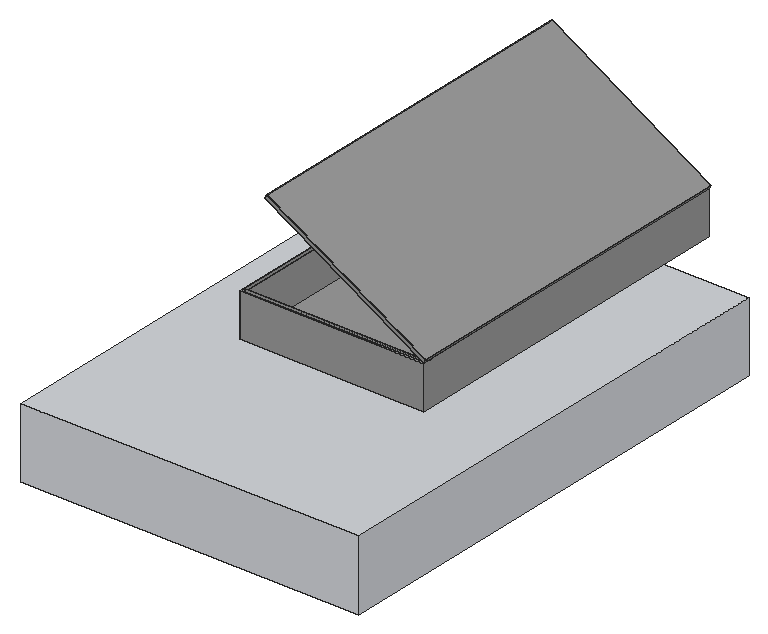
Revit family "Hager-Univers-IP44-D205-H1550-Cl.II-Encl-ES-es", category Equipement électrique, Revit 2020
Family settings
  Hôte = Face
  Configuration du panneau = Deux colonnes, circuits au sein
  Cote de connecteur circulaire = Utiliser le diamètre
  Type d'élément = Tableau de raccordement
  Couper avec des vides une fois chargée = Non
  Partagée = Non
  Point de calcul de pièce = Non
Parameters (values of type "Montado superficial (escayola) IP44 A800 A1550 P205  - FP03SN2")
  Width Control [instance] = if([EF000008 - Anchura] > Min Width, [EF000008 - Anchura], Min Width)  # 800 mm
  Commentaires du type = [HG000003 - Gama]  # "Univers"
  Thickness Door [instance] = if([EF009171 - Espesor puerta/tapa] > 3 mm, 3 mm, [EF009171 - Espesor puerta/tapa])  # 1 mm
  Seal Frame Offset [instance] = 17 mm  # constant formula
  Plinth Visibility [instance] = [HG000027 - Altura de zócalo] > 0 mm  # no
  Model = ""
  Min Width [instance] = 100 mm  # constant formula
  Min Height [instance] = 100 mm  # constant formula
  Min Depth [instance] = (2 * [EF009170 - Espesor del material de la caja]) + 1 mm  # 3 mm
  Internal Frame Depth [instance] = (Door System Depth * 0.5)  # 9 mm
  Height Control [instance] = if([EF000040 - Altura] > Min Height, [EF000040 - Altura], Min Height)  # 1550 mm
  HG000027 - Altura de zócalo = 0 mm
  HG000026 - Instalación en suelo = no
  HG000024 - Altura de la sección inferior = 800 mm
  HG000023 - Caja de doble sección = no
  HG000016 - Visibilidad de la puerta 3D [instance] = yes
  HG000015 - Visibilidad a través de la puerta [instance] = no
  HG000014 - Puerta a la derecha [instance] = yes
  HG000013 - Puerta a la izquierda [instance] = not([HG000014 - Puerta a la derecha])  # no
  HG000012 - Ángulo de giro de la puerta [instance] = 30.00°
  HG000010 - Puertas asimétricas = no
  HG000009 - Puerta batiente doble = no
  HG000006 - Empotrado = no
  HG000004 - Referencia del fabricante = "FP03SN2"
  HG000003 - Gama = "Univers"
  HG000002 - Con puerta o tapa = yes
  Frame Offset Bottom [instance] = 10 mm  # constant formula
  Frame Offset [instance] = 15 mm  # constant formula
  EF015940 - Tapa con alivio de sobrepresión = no
  EF011959 - Grado de protección (NEMA) = ""
  EF009554 - Número de aberturas para placas-brida = 6
  Fabricant = "Hager"  # constant formula
  EF009212 - Versión de la cubierta = "EV000116 - Cerrado"
  EF009171 - Espesor puerta/tapa = 1 mm
  EF009170 - Espesor del material de la caja = 1 mm
  EF008873 - Corriente nominal (In) = 250 A
  EF007800 - Adecuado para la protección contra rayos = no
  EF006306 - Con cierre = no
  EF006244 - Tapa/puerta transparente = no
  EF005474 - Grado de protección (IP) = "EV006418 - IP44"
  EF004464 - Tipo de puerta = "EV002646 - Único"
  EF004427 - Número de módulos = 360
  EF004293 - Resistencia al impacto (IK) = "EV006815 - IK09"
  EF003532 - Adecuado para uso en exteriores = no
  EF002950 - Anchura de unidades de división = 36
  EF001613 - Integridad del circuito = "EV000494 - Ninguno"
  EF001596 - Material de la carcasa = "EV000179 - Acero"
  EF001131 - Profundidad interna = 143 mm
  EF001088 - Posibilidad de extensión = yes
  EF000437 - Número de entradas de conductos de cables = 6
  EF000339 - Tipo de cubierta = "EV001012 - Cubrir"
  EF000266 - Número de filas = 10
  EF000218 - Profundidad de instalación = 205 mm
  EF000118 - Con placa de montaje = no
  EF000116 - Número RAL = "9010"
  EF000049 - Profundidad = 205 mm
  EF000040 - Altura = 1550 mm
  EF000008 - Anchura = 800 mm
  EF000007 - Color = "EV000202 - Blanco"
  EF000003 - Tipo de montaje = "EV000384 - Montado superficial (escayola)"
  Door System Leaf Tolerance [instance] = 1.5 mm  # constant formula
  Door System Depth [instance] = 18 mm  # constant formula
  Door Height [instance] = Height Control - [HG000027 - Altura de zócalo]  # 1550 mm
  Depth Control [instance] = if([EF000049 - Profundidad] > Min Depth, [EF000049 - Profundidad], Min Depth)  # 205 mm
  Default Elevation = 0 mm
  Connector Offset [instance] = Height Control / 2  # 775 mm
  Bottom Top Plate Trim [instance] = 1.5 mm  # constant formula
  Plinth height Ctrl [instance] = if([HG000027 - Altura de zócalo] > 0 mm, [HG000027 - Altura de zócalo], 12 mm)  # 12 mm
Types (5, lengths in mm): name | Width Control | HG000009 - Puerta batiente doble | HG000004 - Referencia del fabricante | EF009554 - Número de aberturas para placas-brida | EF008873 - Corriente nominal (In) | EF004464 - Tipo de puerta | EF004427 - Número de módulos | EF002950 - Anchura de unidades de división | EF001131 - Profundidad interna | EF000437 - Número de entradas de conductos de cables | EF000008 - Anchura
  Montado superficial (escayola) IP44 A1050 A1550 P205  - FP04SN2 | 1050 | yes | "FP04SN2" | 8 | 400 A | "EV003602 - Doble" | 480 | 48 | 143 | 8 | 1050
  Montado superficial (escayola) IP44 A1300 A1550 P205  - FP05SN2 | 1300 | yes | "FP05SN2" | 10 | 400 A | "EV003602 - Doble" | 600 | 60 | 143 | 10 | 1300
  Montado superficial (escayola) IP44 A300 A1550 P205  - FP01SN2 | 300 | no | "FP01SN2" | 2 | 250 A | "EV002646 - Único" | 120 | 12 | 130 | 2 | 300
  Montado superficial (escayola) IP44 A550 A1550 P205  - FP02SN2 | 550 | no | "FP02SN2" | 4 | 250 A | "EV002646 - Único" | 240 | 24 | 143 | 4 | 550
  Montado superficial (escayola) IP44 A800 A1550 P205  - FP03SN2 | 800 | no | "FP03SN2" | 6 | 250 A | "EV002646 - Único" | 360 | 36 | 143 | 6 | 800
Reference planes
  plane 1 "Center (Front/Back)": y = 0
  plane 2: z = 0
  plane 3 "Center (Left/Right)": x = 0
  plane 4: z = 205
  plane 5: y = 1
  plane 6: y = 775
  plane 7: y = 0
  plane 8: y = 1550
  plane 9: z = 0
  plane 10: x = -385
  plane 11: x = 385
  plane 12: x = 384
  plane 13: x = -384
  plane 14: y = 1549
  plane 15: x = -383
  plane 16: x = -400
  plane 17: x = 383
  plane 18: x = 400
  plane 19: x = 399
  plane 20: x = -399
  plane 21: y = 11
  plane 22: y = 1550
  plane 23: y = 1534
  plane 24: z = 187
  plane 25: z = 1
  plane 26: z = 186
  plane 27: z = 204
Forms (mm)
  Extrusion 1, solid
    sketch origin (0, 0, 0) x (1, 0, 0) y (0, 1, 0)
      loop
        line (-702.964, 1305) -> (-702.964, -811.445) -> (766.763, -811.445) -> (766.763, 1305) -> (-702.964, 1305)
    from 0 to -304.8
  Extrusion 2, solid, material "Hager_Steel_RAL7035_Light_Grey", visible <- "Plinth Visibility", detail levels medium+fine
    sketch origin (0, 0, 0) x (1, 0, 0) y (0, 1, 0)
      loop
        line (-400, 0) -> (400, 0) -> (400, 12) -> (-400, 12) -> (-400, 0)
    from 0 to 187
  Extrusion 3, solid, material "Hager_Steel_RAL7035_Light_Grey", detail levels medium+fine
    sketch origin (0, 0, 0) x (1, 0, 0) y (0, 1, 0)
      loop
        line (-400, 0) -> (400, 0) -> (400, 1550) -> (-400, 1550) -> (-400, 0)
    from 0 to 187
  Extrusion 4, void
    sketch origin (0, 0, 0) x (1, 0, 0) y (0, 1, 0)
      loop
        line (-399, 1) -> (399, 1) -> (399, 1549) -> (-399, 1549) -> (-399, 1)
    from 1 to 186
  Extrusion 5, void
    sketch origin (-381.607, -4572, 187) x (0, -1, 0) y (-1, 0, 0)
      loop
        line (-4583, 2.393) -> (-6106, 2.393) -> (-6106, -765.607) -> (-4583, -765.607) -> (-4583, 2.393)
    from 0 to 1 <- "EF009170 - Espesor del material de la caja"
  Extrusion 6, solid, material "Hager_Steel_RAL7035_Light_Grey", detail levels fine
    sketch origin (0, 0, 187) x (1, 0, 0) y (0, 1, 0)
      loop
        line (-384, 1534) -> (-384, 11) -> (384, 11) -> (384, 1534) -> (-384, 1534)
      loop
        line (-385, 10) -> (385, 10) -> (385, 1535) -> (-385, 1535) -> (-385, 10)
    from 0 to 9 <- "Internal Frame Depth"
  Extrusion 7, solid, material "Hager_Steel_RAL7035_Light_Grey", detail levels coarse
    sketch origin (0, 0, 0) x (1, 0, 0) y (0, 1, 0)
      loop
        line (-400, 0) -> (400, 0) -> (400, 1550) -> (-400, 1550) -> (-400, 0)
    from 0 to 205
  Sweep 8, void
    path in 3D
      loop
        line (-400, 12, 0) -> (400, 12, 0) -> (400, 12, 187) -> (-400, 12, 187) -> (-400, 12, 0)
    profile origin (-400, 12, 93.5) x (-1, 0, 0) y (0, -1, 0)
      loop
        line (0, 0) -> (0, 1.5) -> (-1.5, 1.5)
        arc (-1.5, 1.5) -> (-1.061, 0.439) -> (0, 0) r 1.5
Cuts and joins
  Extrusion 4, Extrusion 5 cuts Extrusion 3
  Sweep 8 cuts Extrusion 2
Lines and regions (mm)
  Masking region 1
    outline origin (0, 0, 0) x (1, 0, 0) y (0, 0, 1)
      loop
        line (-400, 205) -> (-400, 0) -> (400, 0) -> (400, 205) -> (-400, 205)
  Masking region 2, detail levels medium+fine
    outline origin (0, 140, 0) x (0, 1, 0) y (0, 0, 1)
      loop
        line (-140, 0) -> (1410, 0) -> (1410, 187) -> (-140, 187) -> (-140, 0)
  Masking region 3, not visible, detail levels medium+fine
    outline origin (0, 297.922, 0) x (0, 1, 0) y (0, 0, 1)
      loop
        line (488.578, 0) -> (528.578, 0) -> (528.578, 194)
        arc (528.578, 194) -> (525.649, 201.071) -> (518.578, 204) r 10
        line (518.578, 204) -> (488.578, 204) -> (488.578, 0)
  Masking region 4, detail levels coarse
    outline origin (0, 0, 180) x (0, 1, 0) y (0, 0, 1)
      loop
        line (0, -180) -> (1550, -180) -> (1550, 25) -> (0, 25) -> (0, -180)
  Masking region 5, visible <- "Plinth Visibility", detail levels medium+fine
    outline origin (0, 52.24, 12.345) x (0, 0, -1) y (0, 1, 0)
      loop
        line (10.845, -40.24) -> (-173.155, -40.24)
        arc (-173.155, -40.24) -> (-173.594, -41.301) -> (-174.655, -41.74) r 1.5
        line (-174.655, -41.74) -> (-174.655, -52.24) -> (12.345, -52.24) -> (12.345, -41.74)
        arc (12.345, -41.74) -> (11.285, -41.301) -> (10.845, -40.24) r 1.5
  Masking region 6, detail levels medium+fine
    outline origin (-381.607, -4572, 187) x (-1, 0, 0) y (0, -1, 0)
      loop
        line (18.393, -6122) -> (18.393, -4572) -> (-781.607, -4572) -> (-781.607, -6122) -> (18.393, -6122)
  Masking region 7, visible <- "Plinth Visibility", detail levels medium+fine
    outline origin (-381.607, -4727, 187) x (-1, 0, 0) y (0, -1, 0)
      loop
        arc (16.893, -4739) -> (17.332, -4737.939) -> (18.393, -4737.5) r 1.5
        line (18.393, -4737.5) -> (18.393, -4727) -> (-781.607, -4727) -> (-781.607, -4737.5)
        arc (-781.607, -4737.5) -> (-780.546, -4737.939) -> (-780.107, -4739) r 1.5
        line (-780.107, -4739) -> (16.893, -4739)
  Masking region 8, detail levels coarse
    outline origin (-442.548, -4669.526, 187) x (-1, 0, 0) y (0, -1, 0)
      loop
        line (-42.548, -6219.526) -> (-42.548, -4669.526) -> (-842.548, -4669.526) -> (-842.548, -6219.526) -> (-42.548, -6219.526)
  sketch lines
    curve 1: line (-400, 12, 187) -> (-400, 12, 0)
    curve 2: line (400, 12, 187) -> (-400, 12, 187)
    curve 3: line (400, 12, 187) -> (400, 12, 0)
    curve 4: line (-400, 12, 0) -> (400, 12, 0)
Dimensions and locks
  "Depth Control": plane 4 to Extrusion 1
  "HG000027 - Altura de zócalo": plane 1 "Center (Front/Back)" to plane 7
  "EF009170 - Espesor del material de la caja": plane 5 to plane 7
  locked: connector elem to plane 3 "Center (Left/Right)"
  equal spacing: plane 8, plane 6, plane 7
  locked: connector elem to plane 6
  "EF009170 - Espesor del material de la caja": plane 8 to plane 14
  "EF009170 - Espesor del material de la caja": plane 10 to plane 13
  "EF009170 - Espesor del material de la caja": plane 12 to plane 11
  "Frame Offset": plane 20 to plane 13
  "Frame Offset": plane 12 to plane 19
  "EF009170 - Espesor del material de la caja": plane 16 to plane 20
  "EF009170 - Espesor del material de la caja": plane 19 to plane 18
  "Seal Frame Offset": plane 16 to plane 15
  "Seal Frame Offset": plane 17 to plane 18
  "Frame Offset Bottom": plane 21 to plane 5
  "Frame Offset": plane 14 to plane 23
  equal spacing: plane 16, plane 3 "Center (Left/Right)", plane 18
  "Width Control": plane 16 to plane 18
  "EF009170 - Espesor del material de la caja": plane 4 to plane 27
  "EF009170 - Espesor del material de la caja": plane 24 to plane 26
  "EF009170 - Espesor del material de la caja": plane 25 to level
  "Door System Depth": plane 4 to plane 24
  "Height Control": plane 1 "Center (Front/Back)" to Extrusion 7 sketch curve
  "Height Control": Masking region 4 sketch curve to plane 1 "Center (Front/Back)"
  "Height Control": plane 1 "Center (Front/Back)" to plane 22
  "Bottom Top Plate Trim": profile plane to Sweep 8 sketch curve
  "Bottom Top Plate Trim": Sweep 8 sketch curve to profile plane
  "Plinth height Ctrl": plane 1 "Center (Front/Back)" to Extrusion 2 sketch curve
  "Plinth height Ctrl": Masking region 5 sketch curve to plane 1 "Center (Front/Back)"
  "Plinth height Ctrl": plane 1 "Center (Front/Back)" to Masking region 7 sketch curve
  "Thickness Door": Extrusion 6 sketch curve to Extrusion 6 sketch curve  (x3)
  "Thickness Door": cut or joined group of Extrusion 3, Extrusion 4, Extrusion 5 to Extrusion 6 sketch curve
  radius of Masking region 3 sketch curve = 10 mm
  "Bottom Top Plate Trim": radius of Masking region 5 sketch curve  (x2)
  "Bottom Top Plate Trim": radius of Sweep 8 sketch curve
  "Bottom Top Plate Trim": radius of Masking region 7 sketch curve  (x2)
  aligned and locked: plane 2 to Extrusion 1
  aligned and locked: level to Extrusion 1
  aligned and locked: level to Masking region 1 sketch curve
  aligned and locked: Masking region 1 sketch curve to plane 18
  aligned and locked: Masking region 1 sketch curve to plane 16
  aligned and locked: plane 7 to Masking region 2 sketch curve
  aligned and locked: level to Masking region 3 sketch curve
  aligned and locked: Masking region 3 sketch curve to plane 27
  aligned and locked: level to Masking region 2 sketch curve
  aligned and locked: plane 1 "Center (Front/Back)" to Extrusion 2 sketch curve
  aligned and locked: Extrusion 3 sketch curve to plane 7
  aligned and locked: plane 16 to Extrusion 3 sketch curve
  aligned and locked: plane 18 to Extrusion 3 sketch curve
  aligned and locked: plane 20 to Extrusion 4 sketch curve
  aligned and locked: plane 19 to Extrusion 4 sketch curve
  aligned and locked: Extrusion 4 sketch curve to plane 5
  aligned and locked: Extrusion 4 to plane 25
  aligned and locked: plane 26 to Extrusion 4
  aligned and locked: plane 24 to Extrusion 3
  aligned and locked: Extrusion 5 sketch curve to plane 21
  aligned and locked: Extrusion 5 sketch curve to plane 13
  aligned and locked: Extrusion 5 sketch curve to plane 12
  aligned and locked: plane 18 to Extrusion 7 sketch curve
  aligned and locked: plane 1 "Center (Front/Back)" to Extrusion 7 sketch curve
  aligned and locked: plane 16 to Extrusion 7 sketch curve
  aligned and locked: plane 4 to Extrusion 7
  aligned and locked: Extrusion 7 to level
  aligned and locked: level to Masking region 4 sketch curve
  aligned and locked: Masking region 4 sketch curve to plane 1 "Center (Front/Back)"
  aligned and locked: Masking region 4 sketch curve to plane 4
  aligned and locked: nested 1 to level
  aligned and locked: nested 1 to plane 16
  aligned and locked: plane 8 to Extrusion 3 sketch curve
  aligned and locked: plane 23 to Extrusion 5 sketch curve
  aligned and locked: plane 14 to Extrusion 4 sketch curve
  aligned and locked: Masking region 2 sketch curve to plane 8
  aligned and locked: level to Masking region 5 sketch curve
  aligned and locked: plane 16 to Extrusion 2 sketch curve
  aligned and locked: plane 18 to Extrusion 2 sketch curve
  aligned and locked: Masking region 5 sketch curve to plane 24
  aligned and locked: Masking region 2 sketch curve to plane 24
  aligned and locked: plane 24 to Extrusion 2
  aligned and locked: profile plane to Sweep 8 sketch curve  (x2)
  aligned and locked: Masking region 6 sketch curve to plane 18
  aligned and locked: Masking region 6 sketch curve to plane 22
  aligned and locked: Masking region 6 sketch curve to plane 16
  aligned and locked: plane 8 to plane 22
  aligned and locked: Masking region 6 sketch curve to plane 7
  aligned and locked: Masking region 7 sketch curve to plane 16
  aligned and locked: Masking region 7 sketch curve to plane 1 "Center (Front/Back)"
  aligned and locked: Masking region 7 sketch curve to plane 18
  aligned and locked: Masking region 8 sketch curve to plane 1 "Center (Front/Back)"
  aligned and locked: Masking region 8 sketch curve to plane 18
  aligned and locked: Masking region 8 sketch curve to plane 22
  aligned and locked: Masking region 8 sketch curve to plane 16
  aligned and locked: nested 2 to plane 7
  aligned and locked: plane 3 "Center (Left/Right)" to nested 2
  aligned and locked: nested 2 to plane 24
  aligned and locked: Extrusion 6 sketch curve to cut or joined group of Extrusion 3, Extrusion 4, Extrusion 5  (x4)
Automatic sketch dimensions
  Extrusion 1 sketch curve to Extrusion 1 sketch curve = 1469.727 mm
  Extrusion 1 sketch curve to Extrusion 1 sketch curve = 2116.445 mm
  Masking region 1 sketch curve to plane 4 = 0 mm
  plane 6 to Masking region 3 sketch curve = 11.5 mm
  Masking region 3 sketch curve to Masking region 3 sketch curve = 30 mm
  Masking region 5 sketch curve to plane 1 "Center (Front/Back)" = 0 mm
Nested families
  nested 1: "Hager_Enclosure_Symbol" at (-400, 0, 0) x (1, 0, 0) z (0, -1, 0), Height <- "Depth Control", Width <- "Width Control", type "Hager_Enclosure_Symbol"
    with Width_Ctrl 800 mm, Width 800 mm, Height_Ctrl 205 mm, Height 205 mm, A_Width_Int 13.453 mm, A_Width 161.438 mm, A_Height_Ctrl 179.375 mm, A_Height 179.375 mm
  nested 2: "EC000058_Univers_Door" at (0, 0, 187) x (1, 0, 0) z (0, 1, 0), Leaf_Tolerance <- "Door System Leaf Tolerance", Angle <- "HG000012 - Ángulo de giro de la puerta", Door_Depth <- "Door System Depth", Door_Left <- "HG000013 - Puerta a la izquierda", Transparent <- "EF006244 - Tapa/puerta transparente", Assymetrical <- "HG000010 - Puertas asimétricas", Width <- "Width Control", Clearance <- "HG000015 - Visibilidad a través de la puerta", Double <- "HG000009 - Puerta batiente doble", 3d_Door <- "HG000016 - Visibilidad de la puerta 3D", Lock_Visibility <- "EF006306 - Con cierre", Width_Ctrl <- "Width Control", Door_Right <- "HG000014 - Puerta a la derecha", Door <- "HG000002 - Con puerta o tapa", Height <- "Door Height", Thickness <- "Thickness Door", type "EC000058_Univers_Door", detail levels medium+fine
    with min_wh 3 mm, Width_Ctrl 800 mm, Width 800 mm, Transparent no, Thickness 1 mm, Seal_Material Hager_Rubber, Lock_Visibility no, Lock_Material Hager_Plastic_RAL9005_Jet_Black, Leaf_Width 800 mm, Leaf_Tolerance_External_Sides 0 mm, Leaf_Tolerance 1.5 mm, Leaf_Offset 0 mm, Leaf_Height 1547 mm, Leaf_2_Width 800 mm, Leaf_2_Offset 400 mm, Leaf_1_Width 800 mm, Leaf_1_Offset 400 mm, Height_Ctrl 1550 mm, Height 1550 mm, Glass_Material Hager_Glass, Double_Clearance_Ctrl no, Double no, Door_Right_Ctrl yes, Door_Right yes, Door_Material Hager_Steel_RAL7035_Light_Grey, Door_Left_Ctrl no, Door_Left no, Door_Depth 18 mm, Door yes, Clearance_Material Hager_Clearance, Clearance_Depth 800 mm, Clearance_Ctrl no, Clearance no, Assymetrical no, Angle 30.00°, 3d_Door yes
Connectors
  electrical at (0, 775, 0)
    settings: on plane 9, index 1, voltage 0 V, apparent load 0 VA, apparent load phase1 0 VA, apparent load phase2 0 VA, apparent load phase3 0 VA, power factor 1, load classification "Other", number of poles 1, system type 30, power factor state 1, is connector primary yes, connector utility no, sub classification motor no, connector description ""
Definition of nested family "EC000058_Univers_Door"
  Parameters (values of type "EC000058_Univers_Door")
    min_wh [instance] = (2 * Thickness) + 1 mm  # 11 mm
    Width_Ctrl [instance] = 400 mm
    Width [instance] = 500 mm
    Transparent [instance] = yes
    Thickness [instance] = 5 mm
    Seal_Material [instance] = none
    Lock_Visibility [instance] = yes
    Lock_Material [instance] = none
    Leaf_Width [instance] = if((Width_Ctrl - 2 * Leaf_Tolerance_External_Sides) > 0 mm, (Width_Ctrl - 2 * Leaf_Tolerance_External_Sides), min_wh)  # 400 mm
    Leaf_Tolerance_External_Sides [instance] = 0 mm  # constant formula
    Leaf_Tolerance [instance] = 1.5 mm
    Leaf_Offset [instance] = 0 mm  # constant formula
    Leaf_Height [instance] = if((Height_Ctrl - 2 * Leaf_Tolerance) > 0 mm, (Height_Ctrl - 2 * Leaf_Tolerance), min_wh)  # 497 mm
    Leaf_2_Width [instance] = if(and(and(Double, Assymetrical), Door_Left), (Leaf_Width / 3) - (Leaf_Tolerance / 2), if(and(and(Double, Assymetrical), Door_Right), (Leaf_Width / 3) * 2 - (Leaf_Tolerance / 2), if(and(Double, not(Assymetrical)), (Leaf_Width / 2) - Leaf_Tolerance, Leaf_Width)))  # 400 mm
    Leaf_2_Offset [instance] = if(and(Double, Assymetrical), Leaf_2_Width / 2, if(and(Double, not(Assymetrical)), Leaf_Width / 4, Leaf_Width / 2))  # 200 mm
    Leaf_1_Width [instance] = if(and(and(Double, Assymetrical), Door_Right), (Leaf_Width / 3) - (Leaf_Tolerance / 2), if(and(and(Double, Assymetrical), Door_Left), (Width / 3) * 2 - (Leaf_Tolerance / 2), if(and(Double, not(Assymetrical)), (Leaf_Width / 2) - Leaf_Tolerance, Leaf_Width)))  # 400 mm
    Leaf_1_Offset [instance] = if(and(Double, Assymetrical), Leaf_1_Width / 2, if(and(Double, not(Assymetrical)), Leaf_Width / 4, Leaf_Width / 2))  # 200 mm
    Height_Ctrl [instance] = if(Height > min_wh, Height, min_wh)  # 500 mm
    Height [instance] = 500 mm
    Glass_Material [instance] = none
    Double_Clearance_Ctrl [instance] = and(Double, Clearance)  # no
    Double [instance] = no
    Door_Right_Ctrl [instance] = and(or(Door_Right, Double), Door)  # yes
    Door_Right [instance] = yes
    Door_Material [instance] = none
    Door_Left_Ctrl [instance] = and(or(Door_Left, Double), Door)  # no
    Door_Left [instance] = no
    Door_Depth [instance] = 30 mm
    Door [instance] = yes
    Default Elevation = 1219.2 mm
    Clearance_Material [instance] = none
    Clearance_Depth [instance] = if(Leaf_1_Width > Leaf_2_Width, Leaf_1_Width, Leaf_2_Width)  # 400 mm
    Clearance_Ctrl [instance] = and(not(Double), Clearance)  # yes
    Clearance [instance] = yes
    Assymetrical [instance] = yes
    Angle [instance] = 30.00°
    3d_Door [instance] = yes
  Reference planes
    plane 1 "Center (Front/Back)": y = 0
    plane 2 "Bottom": z = 0
    plane 3 "Center (Left/Right)": x = 0
    plane 4: z = 500
    plane 5: x = -200
    plane 6: x = 200
    plane 7: z = 500
    plane 8: x = -200
    plane 9: z = 0
    plane 10: x = 200
    plane 11: y = 0
    plane 12: z = 1.5
    plane 13: x = -600
    plane 14: y = -400
    plane 15: x = 600
    plane 16: x = 0
    plane 17: x = 0
    plane 18: x = -200
    plane 19: x = 200
    plane 20: z = 498.5
  Forms (mm)
    Extrusion 1, solid, material <- "Clearance_Material", visible <- "Double_Clearance_Ctrl"
      sketch origin (1200, 0, 0) x (1, 0, 0) y (0, 0, -1)
        loop
          line (-1800, -498.5) -> (-600, -498.5) -> (-600, 0) -> (-1800, 0) -> (-1800, -498.5)
      from 0 to -400
  Dimensions and locks
    equal spacing: plane 5, plane 3 "Center (Left/Right)", plane 6
    "Width_Ctrl": plane 5 to plane 6
    "Leaf_Offset": plane 5 to plane 8
    "Leaf_Offset": plane 6 to plane 10
    "Leaf_Offset": plane 9 to level
    "Leaf_Offset": plane 4 to plane 7
    "Height_Ctrl": plane 4 to level
    "Leaf_Tolerance": plane 12 to plane 9
    locked: plane 11 to plane 1 "Center (Front/Back)"
    "Leaf_1_Offset": plane 18 to plane 16
    "Leaf_2_Offset": plane 17 to plane 19
    "Leaf_1_Width": plane 13 to plane 8
    "Leaf_2_Width": plane 10 to plane 15
    "Clearance_Depth": plane 14 to plane 1 "Center (Front/Back)"
    "Leaf_Tolerance_External_Sides": plane 8 to plane 18
    "Leaf_Tolerance_External_Sides": plane 19 to plane 10
    "Leaf_Tolerance": plane 7 to plane 20
    aligned and locked: level to plane 2 "Bottom"
    aligned and locked: nested 1 to plane 16
    aligned and locked: nested 2 to plane 17
    aligned and locked: Extrusion 1 to plane 13
    aligned and locked: plane 15 to Extrusion 1
    aligned and locked: Extrusion 1 to plane 14
    aligned and locked: plane 12 to nested 1
    aligned and locked: nested 2 to plane 12
    aligned and locked: Extrusion 1 to plane 11
    aligned and locked: plane 20 to Extrusion 1
    aligned and locked: nested 2 to plane 11
    aligned and locked: nested 1 to plane 11
  Automatic sketch dimensions
    Extrusion 1 sketch curve to level = 0 mm
    plane 5 to Extrusion 1 sketch curve = 400 mm
    plane 6 to Extrusion 1 sketch curve = 400 mm
    Extrusion 1 sketch curve to plane 4 = 1.5 mm
  Nested families
    nested 1: "EC000058_Univers_Door_Leaf" at (0, 0, 1.5), Width <- "Leaf_1_Width", visible <- "Door_Left_Ctrl", Leaf_Height <- "Leaf_Height", Angle <- "Angle", 3d_Door <- "3d_Door", Transparent <- "Transparent", Clearance Material <- "Clearance_Material", Clearance <- "Clearance_Ctrl", Door_Material <- "Door_Material", Glass_Material <- "Glass_Material", Door_Depth <- "Door_Depth", Lock_Material <- "Lock_Material", Seal_Material <- "Seal_Material", Lock_Visibility <- "Lock_Visibility", Thickness <- "Thickness", type "EC000058_Univers_Door_Leaf"
      with Width 400 mm, Transparent_Glass_Offset 30 mm, Transparent_Ctrl yes, Transparent yes, Thickness 5 mm, Standard no, Seal_Material none, Seal_D2 8 mm, Seal_D1 1 mm, Offset_Internal_Frame 10 mm, Lock_Width 20 mm, Lock_Visibility_3d yes, Lock_Visibility yes, Lock_Thickness_3 3 mm, Lock_Thickness_2 1 mm, Lock_Thickness_1 3 mm, Lock_Radius_Offset_2 16 mm, Lock_Radius_Offset_1 15 mm, Lock_Radius_2 5 mm, Lock_Radius 6 mm, Lock_Offset 5 mm, Lock_Material none, Lock_Height 80 mm, Lock_Cover_Top_Offset_2d 17 mm, Lock_Cover_Height -65 mm, Leaf_Height 497 mm, Internal_Seal_Thickness 8 mm, Internal_Seal_Depth_2 4.5 mm, Internal_Frame_Depth 25 mm, Glass_Thickness -1 mm, Glass_Offset -2 mm, Glass_Material none, Door_Material none, Door_Depth 30 mm, Clearance Material none, Clearance yes, Angle_Ctrl 30.00°, Angle 30.00°, 3d_Door yes
    nested 2: "EC000058_Univers_Door_Leaf" at (0, 0, 1.5) x (-1, 0, 0) z (0, 0, 1), Width <- "Leaf_2_Width", visible <- "Door_Right_Ctrl", Leaf_Height <- "Leaf_Height", Angle <- "Angle", 3d_Door <- "3d_Door", Transparent <- "Transparent", Clearance Material <- "Clearance_Material", Clearance <- "Clearance_Ctrl", Door_Material <- "Door_Material", Glass_Material <- "Glass_Material", Door_Depth <- "Door_Depth", Lock_Material <- "Lock_Material", Seal_Material <- "Seal_Material", Lock_Visibility <- "Lock_Visibility", Thickness <- "Thickness", type "EC000058_Univers_Door_Leaf"
      with Width 400 mm, Transparent_Glass_Offset 30 mm, Transparent_Ctrl yes, Transparent yes, Thickness 5 mm, Standard no, Seal_Material none, Seal_D2 8 mm, Seal_D1 1 mm, Offset_Internal_Frame 10 mm, Lock_Width 20 mm, Lock_Visibility_3d yes, Lock_Visibility yes, Lock_Thickness_3 3 mm, Lock_Thickness_2 1 mm, Lock_Thickness_1 3 mm, Lock_Radius_Offset_2 16 mm, Lock_Radius_Offset_1 15 mm, Lock_Radius_2 5 mm, Lock_Radius 6 mm, Lock_Offset 5 mm, Lock_Material none, Lock_Height 80 mm, Lock_Cover_Top_Offset_2d 17 mm, Lock_Cover_Height -65 mm, Leaf_Height 497 mm, Internal_Seal_Thickness 8 mm, Internal_Seal_Depth_2 4.5 mm, Internal_Frame_Depth 25 mm, Glass_Thickness -1 mm, Glass_Offset -2 mm, Glass_Material none, Door_Material none, Door_Depth 30 mm, Clearance Material none, Clearance yes, Angle_Ctrl 30.00°, Angle 30.00°, 3d_Door yes
  Definition of nested family "EC000058_Univers_Door_Leaf"
    Parameters (values of type "EC000058_Univers_Door_Leaf")
      Width [instance] = 2000 mm
      Transparent_Glass_Offset [instance] = 30 mm
      Transparent_Ctrl [instance] = and(Transparent, [3d_Door])  # yes
      Transparent [instance] = yes
      Thickness [instance] = 5 mm
      Standard [instance] = and(not(Transparent), [3d_Door])  # no
      Seal_Material [instance] = none
      Seal_D2 [instance] = 8 mm  # constant formula
      Seal_D1 [instance] = 1 mm  # constant formula
      Offset_Internal_Frame [instance] = 10 mm  # constant formula
      Lock_Width [instance] = 20 mm  # constant formula
      Lock_Visibility_3d [instance] = and(Lock_Visibility, [3d_Door])  # yes
      Lock_Visibility [instance] = yes
      Lock_Thickness_3 [instance] = 3 mm  # constant formula
      Lock_Thickness_2 [instance] = 1 mm  # constant formula
      Lock_Thickness_1 [instance] = 3 mm  # constant formula
      Lock_Radius_Offset_2 [instance] = Lock_Radius_Offset_1 + 1 mm  # 16 mm
      Lock_Radius_Offset_1 [instance] = 15 mm  # constant formula
      Lock_Radius_2 [instance] = Lock_Radius - 1 mm  # 5 mm
      Lock_Radius [instance] = 6 mm  # constant formula
      Lock_Offset [instance] = 5 mm  # constant formula
      Lock_Material [instance] = none
      Lock_Height [instance] = 80 mm  # constant formula
      Lock_Cover_Top_Offset_2d [instance] = Lock_Radius_Offset_2 + 1 mm  # 17 mm
      Lock_Cover_Height [instance] = -(Lock_Height - Lock_Radius_Offset_1)  # -65 mm
      Leaf_Height [instance] = 2720.336 mm
      Internal_Seal_Thickness [instance] = 8 mm  # constant formula
      Internal_Seal_Depth_2 [instance] = 4.5 mm  # constant formula
      Internal_Frame_Depth [instance] = if(Door_Depth - Thickness > 5 mm, Door_Depth - Thickness, 5 mm)  # 25 mm
      Glass_Thickness [instance] = if(Thickness > 15 mm, Glass_Offset + 10 mm, -1 mm)  # -1 mm
      Glass_Offset [instance] = if(Thickness > 15 mm, -(Thickness + 10 mm) / 2, -2 mm)  # -2 mm
      Glass_Material [instance] = none
      Door_Material [instance] = none
      Door_Depth [instance] = 30 mm
      Default Elevation = 0 mm
      Clearance Material [instance] = none
      Clearance [instance] = yes
      Angle_Ctrl [instance] = if(Angle > 180.00°, 180.00°, Angle)  # 90.00°
      Angle [instance] = 90.00°
      3d_Door [instance] = yes
    Reference planes
      plane 1 "Center (Front/Back)": y = 0
      plane 2: z = 0
      plane 3 "Center (Left/Right)": x = 0
      plane 4: y = 2000
      plane 5: x = -1000
      plane 6: x = 1000
      plane 7: x = -3000
      plane 8: z = 2720.336
      plane 9: z = 30
      plane 10: z = 2690.336
      plane 11: x = 970
      plane 12: x = -970
      plane 13: y = -3
      plane 14: z = 107.833
      plane 15: y = -5
      plane 16: y = -223.314
      plane 17: x = -1000
      plane 18: z = 1360.168
      plane 19: y = 30
    Forms (mm)
      Extrusion 1, solid, material <- "Clearance Material", visible <- "Clearance"
        sketch origin (0, 0, 0) x (1, 0, 0) y (0, 0, 1)
          loop
            line (-3000, 2720.336) -> (-3000, 0) -> (1000, 0) -> (1000, 2720.336) -> (-3000, 2720.336)
        from 0 to -2000
      Extrusion 2, solid, material <- "Door_Material", visible <- "Standard", detail levels medium+fine
        sketch origin (-1000, 0, 0) x (0, 1, 0) y (-1, 0, 0)
          loop
            line (0, 30) -> (0, 25) -> (2000, 25) -> (2000, 30) -> (0, 30)
        from 0 to 2720.336 <- "Leaf_Height"
      Extrusion 3, solid, material <- "Door_Material", visible <- "Transparent_Ctrl", detail levels medium+fine
        sketch origin (-1000, 0, 0) x (0, 1, 0) y (-1, 0, 0)
          loop
            line (0, 25) -> (2000, 25) -> (2000, 30) -> (0, 30) -> (0, 25)
        from 0 to 2720.336 <- "Leaf_Height"
      Extrusion 4, void
        sketch origin (-1025, 2000, 0) x (0, 1, 0) y (0, 0, -1)
          loop
            line (-30, -2690.336) -> (-30, -30) -> (-1970, -30) -> (-1970, -2690.336) -> (-30, -2690.336)
        from 0 to 5 <- "Thickness"
      Sweep 5, solid, material <- "Seal_Material", visible <- "Transparent_Ctrl", detail levels fine
        path in 3D
          loop
            line (-1025, 30, 30) -> (-1025, 30, 2690.336) -> (-1025, 1970, 2690.336) -> (-1025, 1970, 30) -> (-1025, 30, 30)
        profile origin (-1025, 1000, 30) x (1, 0, 0) y (0, 0, 1)
          loop
            line (0, 0) -> (0, -8) -> (1, -8) -> (1, 0) -> (0, 0)
      Extrusion 6, solid, material <- "Glass_Material", visible <- "Transparent_Ctrl", detail levels medium+fine
        sketch origin (-1030, 0, 0) x (0, 1, 0) y (0, 0, -1)
          loop
            line (1970, -2690.336) -> (1970, -30) -> (30, -30) -> (30, -2690.336) -> (1970, -2690.336)
        from -2 <- "Glass_Offset" to -1 <- "Glass_Thickness"
      Extrusion 7, solid, material <- "Door_Material", visible <- "3d_Door", detail levels medium+fine
        sketch origin (-1025, 2000, 0) x (0, -1, 0) y (0, 0, -1)
          loop
            line (0, -2720.336) -> (2000, -2720.336) -> (2000, 0) -> (0, 0) -> (0, -2720.336)
          loop
            line (1995, -5) -> (5, -5) -> (5, -2715.336) -> (1995, -2715.336) -> (1995, -5)
        from 0 to 25 <- "Internal_Frame_Depth"
      Sweep 8, solid, material <- "Seal_Material", visible <- "Transparent_Ctrl", detail levels fine
        path in 3D
          loop
            line (-1025, 0, 0) -> (-1025, 2000, 0) -> (-1025, 2000, 2720.336) -> (-1025, 0, 2720.336) -> (-1025, 0, 0)
        profile origin (-1025, 0, 1360.168) x (1, 0, 0) y (0, 1, 0)
          loop
            line (0, 10) -> (2.975, 10)
            arc (2.975, 10) -> (4.053, 10.447) -> (4.5, 11.525) r 1.525
            line (4.5, 11.525) -> (4.5, 16.527)
            arc (4.5, 16.527) -> (4.069, 17.569) -> (3.027, 18) r 1.473
            line (3.027, 18) -> (0, 18) -> (0, 10)
      Extrusion 9, solid, material <- "Lock_Material", visible <- "Lock_Visibility_3d", detail levels fine
        sketch origin (-1030, 0, 0) x (0, 1, 0) y (0, 0, -1)
          loop
            arc (1993.5, -1400.168) -> (1994.561, -1399.729) -> (1995, -1398.668) r 1.5
            line (1995, -1398.668) -> (1995, -1320.168) -> (1975, -1320.168) -> (1975, -1398.668)
            arc (1975, -1398.668) -> (1975.439, -1399.729) -> (1976.5, -1400.168) r 1.5
            line (1976.5, -1400.168) -> (1993.5, -1400.168)
        from 3 <- "Lock_Thickness_1" to 0
      Blend 10, solid, material <- "Lock_Material", visible <- "Lock_Visibility_3d", detail levels fine
        base sketch origin (-1033, 0, 0) x (0, 1, 0) y (0, 0, -1)
          loop
            line (1975, -1320.168) -> (1975, -1398.668)
            arc (1975, -1398.668) -> (1975.439, -1399.729) -> (1976.5, -1400.168) r 1.5
            line (1976.5, -1400.168) -> (1993.5, -1400.168)
            arc (1993.5, -1400.168) -> (1994.561, -1399.729) -> (1995, -1398.668) r 1.5
            line (1995, -1398.668) -> (1995, -1320.168) -> (1975, -1320.168)
        top sketch origin (-1033, 0, 0) x (0, 1, 0) y (0, 0, -1)
          loop
            line (1976, -1320.168) -> (1976, -1398.668)
            arc (1976, -1398.668) -> (1976.146, -1399.022) -> (1976.5, -1399.168) r 0.5
            line (1976.5, -1399.168) -> (1993.5, -1399.168)
            arc (1993.5, -1399.168) -> (1993.854, -1399.022) -> (1994, -1398.668) r 0.5
            line (1994, -1398.668) -> (1994, -1320.168) -> (1976, -1320.168)
        from 0 to 1 <- "Lock_Thickness_2"
      Blend 11, solid, material <- "Lock_Material", visible <- "Lock_Visibility_3d", detail levels fine
        base sketch origin (-1034, 0, 0) x (0, 1, 0) y (0, 0, -1)
          loop
            line (1978, -1320.168) -> (1978, -1384.168)
            arc (1978, -1384.168) -> (1985, -1391.168) -> (1992, -1384.168) r 7
            line (1992, -1384.168) -> (1992, -1320.168) -> (1978, -1320.168)
        top sketch origin (-1034, 0, 0) x (0, 1, 0) y (0, 0, -1)
          loop
            line (1991, -1320.168) -> (1979, -1320.168) -> (1979, -1383.168)
            arc (1979, -1383.168) -> (1985, -1389.168) -> (1991, -1383.168) r 6
            line (1991, -1383.168) -> (1991, -1320.168)
        from 0 to 3 <- "Lock_Thickness_3"
      Extrusion 12, solid, material <- "Lock_Material", visible <- "Lock_Visibility_3d", detail levels fine
        sketch origin (-1030, 1975, 1320.168) x (1, 0, 0) y (0, -1, 0)
          loop
            line (-7, -19) -> (-7, -1) -> (0, -1) -> (0, 0) -> (-8, 0) -> (-8, -20) -> (0, -20) -> (0, -19) -> (-7, -19)
        from 0 to -65 <- "Lock_Cover_Height"
      Extrusion 13, void
        sketch origin (-1038, 1995, 1320.168) x (-1, 0, 0) y (0, 0, -1)
          loop
            line (-5, -65) -> (0, -65) -> (-5, -60) -> (-5, -65)
        from 0 to 20 <- "Lock_Width"
      Extrusion 14, void
        sketch origin (-1038, 1975, 1320.168) x (0, -1, 0) y (0, 0, -1)
          loop
            circle (-10, -15.995) r 6
          loop
            circle (-10, -15.995) r 5
        from 0 to 2
      Extrusion 15, solid, material <- "Lock_Material", visible <- "Lock_Visibility_3d", detail levels medium
        sketch origin (-1030, 0, 0) x (0, 1, 0) y (0, 0, -1)
          loop
            arc (1993.5, -1400.168) -> (1994.561, -1399.729) -> (1995, -1398.668) r 1.5
            line (1995, -1398.668) -> (1995, -1320.168) -> (1975, -1320.168) -> (1975, -1398.668)
            arc (1975, -1398.668) -> (1975.439, -1399.729) -> (1976.5, -1400.168) r 1.5
            line (1976.5, -1400.168) -> (1993.5, -1400.168)
        from 8 to 0
    Cuts and joins
      Extrusion 4 cuts Extrusion 3
      Extrusion 13, Extrusion 14 cuts Extrusion 9
      Extrusion 14 cuts Blend 11
      Extrusion 13, Extrusion 14 cuts Extrusion 12
      joined: Extrusion 9, Blend 10, Blend 11, Extrusion 12
      Extrusion 14 cuts Extrusion 15
    Lines and regions (mm)
      Masking region 1, visible <- "Lock_Visibility", detail levels fine
        outline origin (0, 0, 0) x (0, 1, 0) y (0, 0, 1)
          loop
            line (30, 1320.168) -> (33, 1320.168) -> (33, 1400.168) -> (30, 1400.168) -> (30, 1320.168)
      Masking region 2, visible <- "Lock_Visibility", detail levels fine
        outline origin (0, 3.143, 0) x (0, 1, 0) y (0, 0, 1)
          loop
            line (29.857, 1354.168) -> (30.857, 1354.168) -> (30.857, 1366.168) -> (29.857, 1366.168) -> (29.857, 1354.168)
      Masking region 3, detail levels medium+fine
        outline origin (0, 0, 0) x (0, 1, 0) y (0, 0, 1)
          loop
            line (0, 0) -> (30, 0) -> (30, 2720.336) -> (0, 2720.336) -> (0, 0)
      Masking region 4, detail levels medium+fine
        outline origin (0, 0, 0) x (1, 0, 0) y (0, 0, 1)
          loop
            line (-1000, 2720.336) -> (-1000, 0) -> (1000, 0) -> (1000, 2720.336) -> (-1000, 2720.336)
      Masking region 5, visible <- "Lock_Visibility", detail levels fine
        outline origin (-47.116, 0, 0) x (1, 0, 0) y (0, 0, 1)
          loop
            arc (1024.616, 1399.168) -> (1023.556, 1398.729) -> (1023.116, 1397.668) r 1.5
            line (1023.116, 1397.668) -> (1023.116, 1320.168) -> (1041.116, 1320.168) -> (1041.116, 1397.668)
            arc (1041.116, 1397.668) -> (1040.677, 1398.729) -> (1039.616, 1399.168) r 1.5
            line (1039.616, 1399.168) -> (1024.616, 1399.168)
      Masking region 6, visible <- "Lock_Visibility", detail levels medium+fine
        outline origin (-25, 0, 0) x (1, 0, 0) y (0, 0, 1)
          loop
            arc (1001.5, 1400.168) -> (1000.439, 1399.729) -> (1000, 1398.668) r 1.5
            line (1000, 1398.668) -> (1000, 1320.168) -> (1020, 1320.168) -> (1020, 1398.668)
            arc (1020, 1398.668) -> (1019.561, 1399.729) -> (1018.5, 1400.168) r 1.5
            line (1018.5, 1400.168) -> (1001.5, 1400.168)
      Masking region 7, visible <- "Lock_Visibility", detail levels fine
        outline origin (-73.735, 0, 0) x (1, 0, 0) y (0, 0, 1)
          loop
            line (1051.735, 1382.168) -> (1065.735, 1382.168) -> (1065.735, 1384.168)
            arc (1065.735, 1384.168) -> (1058.735, 1391.168) -> (1051.735, 1384.168) r 7
            line (1051.735, 1384.168) -> (1051.735, 1382.168)
      Masking region 8, visible <- "Lock_Visibility", detail levels fine
        outline origin (-73.735, 0, 0) x (1, 0, 0) y (0, 0, 1)
          loop
            line (1052.735, 1382.168) -> (1064.735, 1382.168) -> (1064.735, 1383.168)
            arc (1064.735, 1383.168) -> (1058.735, 1389.168) -> (1052.735, 1383.168) r 6
            line (1052.735, 1383.168) -> (1052.735, 1382.168)
      Masking region 9, visible <- "Lock_Visibility", detail levels fine
        outline origin (-25, 0, 0) x (1, 0, 0) y (0, 0, 1)
          loop
            line (1020, 1320.168) -> (1020, 1382.168) -> (1000, 1382.168) -> (1000, 1320.168) -> (1020, 1320.168)
      Masking region 10, detail levels medium+fine
        outline origin (0, 0, 0) x (1, 0, 0) y (0, 0, 1)
          loop
            circle (985, 1335.144) r 6
      Masking region 11, detail levels fine
        outline origin (0, 0, 0) x (1, 0, 0) y (0, 0, 1)
          loop
            circle (985, 1335.144) r 5
      Masking region 12, visible <- "Lock_Visibility", detail levels fine
        outline origin (0, 12.767, 0) x (0, 1, 0) y (0, 0, 1)
          loop
            line (20.233, 1320.168) -> (21.233, 1320.168) -> (21.233, 1399.168) -> (20.233, 1400.168) -> (20.233, 1320.168)
      Masking region 13, visible <- "Lock_Visibility", detail levels fine
        outline origin (0, 13.767, -10) x (0, 1, 0) y (0, 0, 1)
          loop
            line (20.233, 1330.168) -> (23.233, 1330.168) -> (23.233, 1399.168) -> (20.233, 1402.168) -> (20.233, 1330.168)
      Masking region 14, visible <- "Lock_Visibility", detail levels fine
        outline origin (0, 12.767, -10) x (0, 1, 0) y (0, 0, 1)
          loop
            line (20.233, 1330.168) -> (25.233, 1330.168) -> (25.233, 1399.305) -> (20.233, 1394.305) -> (20.233, 1330.168)
      Masking region 15, visible <- "Lock_Visibility", detail levels medium
        outline origin (0, 0, 0) x (0, 1, 0) y (0, 0, 1)
          loop
            line (30, 1320.168) -> (38, 1320.168) -> (38, 1400.168) -> (30, 1400.168) -> (30, 1320.168)
      Masking region 16, visible <- "Lock_Visibility", detail levels fine
        outline origin (-1000, 0, 0) x (0, 1, 0) y (-1, 0, 0)
          loop
            line (1975, 30) -> (1995, 30) -> (1995, 38) -> (1975, 38) -> (1975, 30)
          loop
            line (1979, 37) -> (1976, 37) -> (1976, 34) -> (1978, 34) -> (1979, 37)
          loop
            line (1994, 37) -> (1991, 37) -> (1992, 34) -> (1994, 34) -> (1994, 37)
      Masking region 17, visible <- "Lock_Visibility", detail levels medium
        outline origin (-1000, 0, 0) x (0, 1, 0) y (-1, 0, 0)
          loop
            line (1975, 30) -> (1995, 30) -> (1995, 38) -> (1975, 38) -> (1975, 30)
      symbolic lines
        curve 1: line (1000, 0, 0) -> (-3000, 0, 0)
        curve 2: arc (1000, 0, 0) -> (-1000, 2000, 0) -> (-3000, 0, 0) r 2000
        curve 4: line (-1030, 0, 0) -> (-1030, 2000, 0)
      reference lines
        curve 3: line (-1000, 0, 0) -> (-1000, 2000, 0)
      symbolic lines, detail levels medium+fine
        curve 5: line (-1030, 2000, 0) -> (-1025, 2000, 0)
        curve 7: line (-1025, 0, 0) -> (-1030, 0, 0)
        curve 8: line (-1025, 0, 0) -> (-1000, 0, 0)
        curve 9: line (-1000, 0, 0) -> (-1000, 2000, 0)
        curve 10: line (-1000, 2000, 0) -> (-1025, 2000, 0)
      symbolic lines, detail levels fine
        curve 6: line (-1025, 2000, 0) -> (-1025, 0, 0)
      sketch lines
        curve 11: line (-1025, 0, 2720.336) -> (-1025, 0, 0)
        curve 12: line (-1025, 2000, 0) -> (-1025, 0, 0)
        curve 13: line (-1025, 2000, 2720.336) -> (-1025, 2000, 0)
        curve 14: line (-1025, 0, 2720.336) -> (-1025, 2000, 2720.336)
        curve 15: line (-1025, 1970, 30) -> (-1025, 30, 30)
        curve 16: line (-1025, 30, 30) -> (-1025, 30, 2690.336)
        curve 17: line (-1025, 1970, 2690.336) -> (-1025, 1970, 30)
        curve 18: line (-1025, 30, 2690.336) -> (-1025, 1970, 2690.336)
      symbolic lines, visible <- "Transparent", detail levels medium+fine
        curve 19: line (-970, 0, 2690.336) -> (970, 0, 2690.336)
        curve 20: line (-970, 0, 30) -> (-970, 0, 2690.336)
        curve 21: line (970, 0, 30) -> (-970, 0, 30)
        curve 22: line (970, 0, 2690.336) -> (970, 0, 30)
    Dimensions and locks
      "Width": plane 1 "Center (Front/Back)" to plane 4
      equal spacing: plane 5, plane 3 "Center (Left/Right)", plane 6
      "Width": plane 5 to plane 6
      "Width": plane 7 to plane 5
      "Leaf_Height": plane 8 to level
      "Width": curve 5 to curve 3
      "Width": curve 3 to curve 3
      plane 8 to plane 10 = 30 mm
      plane 9 to level = 30 mm
      plane 12 to plane 5 = 30 mm
      plane 6 to plane 11 = 30 mm
      Extrusion 1 to Extrusion 4 sketch curve = 30 mm
      "Transparent_Glass_Offset": curve 3 to Extrusion 4 sketch curve
      "Transparent_Glass_Offset": Extrusion 4 sketch curve to cut or joined group of Extrusion 3, Extrusion 4  (x2)
      cut or joined group of Extrusion 3, Extrusion 4 to Extrusion 6 sketch curve = 30 mm
      "Transparent_Glass_Offset": cut or joined group of Extrusion 3, Extrusion 4 to Extrusion 4 sketch curve
      "Thickness": curve 6 to curve 4
      "Thickness": Extrusion 7 sketch curve to Extrusion 7 sketch curve  (x4)
      "Door_Depth": curve 4 to curve 3
      "Offset_Internal_Frame": profile plane to Sweep 8 sketch curve
      "Internal_Seal_Thickness": Sweep 8 sketch curve to Sweep 8 sketch curve
      "Internal_Seal_Depth_2": profile plane to Sweep 8 sketch curve
      "Seal_D1": profile plane to Sweep 5 sketch curve
      "Seal_D2": profile plane to Sweep 5 sketch curve
      "Thickness": Extrusion 2 sketch curve to Extrusion 2 sketch curve
      equal spacing: Extrusion 9 sketch curve, plane 18, Extrusion 9 sketch curve  (x2)
      equal spacing: Masking region 1 sketch curve, plane 18, Masking region 1 sketch curve
      "Lock_Height": Masking region 1 sketch curve to Masking region 1 sketch curve
      "Lock_Radius": Masking region 2 sketch curve to plane 18 to Masking region 2 sketch curve
      Masking region 2 sketch curve to Masking region 1 = 1 mm
      "Door_Depth": plane 19 to plane 1 "Center (Front/Back)"
      "Lock_Thickness_1": Masking region 1 sketch curve to plane 19
      "Lock_Width": Extrusion 9 sketch curve to Extrusion 9 sketch curve
      "Lock_Height": Extrusion 9 sketch curve to Extrusion 9 sketch curve
      "Lock_Offset": cut or joined group of Extrusion 3, Extrusion 4 to Extrusion 9 sketch curve
      equal spacing: plane 8, plane 18, level
      "Lock_Radius_Offset_1": Blend 11 sketch curve to Blend 10
      locked: Blend 10 to Blend 11 sketch curve at 2  (x2)
      locked: var sketch to Blend 11 sketch curve at 1  (x2)
      "Lock_Radius_Offset_2": Blend 11 sketch curve to Blend 10
      locked: Extrusion 12 sketch curve to Extrusion 12 sketch curve at 1  (x3)
      Masking region 6 sketch curve to Masking region 6 sketch curve = 80 mm
      "Lock_Height": Masking region 6 sketch curve to Masking region 6 sketch curve
      "Lock_Width": Masking region 6 sketch curve to Masking region 6 sketch curve
      locked: Masking region 6 to Masking region 5 sketch curve at 1  (x3)
      locked: Masking region 5 to Masking region 7 sketch curve at 2  (x2)
      "Lock_Radius_Offset_1": Masking region 5 to Masking region 7 sketch curve
      "Lock_Radius_Offset_2": Masking region 5 to Masking region 8 sketch curve
      locked: Masking region 7 to Masking region 8 sketch curve at 1  (x2)
      "Lock_Cover_Top_Offset_2d": Masking region 5 to Masking region 9 sketch curve
      equal spacing: Masking region 9, Masking region 10 sketch curve, Masking region 9
      equal spacing: Masking region 9, Masking region 11 sketch curve, Masking region 9
      Extrusion 15 sketch curve to Extrusion 15 sketch curve = 80 mm
      "Lock_Width": Extrusion 15 sketch curve to Extrusion 15 sketch curve
      "Lock_Height": Extrusion 15 sketch curve to Extrusion 15 sketch curve
      equal spacing: Extrusion 15 sketch curve, plane 18, Extrusion 15 sketch curve
      "Lock_Thickness_3": Masking region 13 sketch curve to Masking region 13 sketch curve
      "Lock_Height": Masking region 12 sketch curve to Masking region 12 sketch curve
      locked: Masking region 13 sketch curve to Masking region 1 at 8
      locked: Masking region 14 sketch curve to Masking region 13 at 1
      locked: Masking region 14 sketch curve to Masking region 1 at 10.863
      "Lock_Height": Masking region 15 sketch curve to Masking region 15 sketch curve
      "Lock_Offset": Extrusion 15 sketch curve to cut or joined group of Extrusion 3, Extrusion 4
      "Lock_Offset": plane 6 to Masking region 6 sketch curve
      radius of Sweep 8 sketch curve = 1.525 mm
      radius of Sweep 8 sketch curve = 1.473 mm
      radius of Extrusion 9 sketch curve = 1.5 mm  (x2)
      "Lock_Radius": radius of Extrusion 14 sketch curve
      "Lock_Radius_2": radius of Extrusion 14 sketch curve
      "Lock_Radius": radius of Masking region 10 sketch curve
      "Lock_Radius_2": radius of Masking region 11 sketch curve
      radius of Extrusion 15 sketch curve = 1.5 mm  (x2)
      "Angle_Ctrl": angle plane 1 "Center (Front/Back)" to curve 3
      locked: Masking region 12 sketch curve to Masking region 12 sketch curve (angle 45.00°)
      locked: Masking region 13 sketch curve to Masking region 13 sketch curve (angle 45.00°)
      locked: Masking region 14 sketch curve to Masking region 14 sketch curve (angle 45.00°)
      aligned and locked: level to plane 2
      aligned and locked: Extrusion 1 to curve 1
      aligned and locked: plane 6 to Extrusion 1
      aligned and locked: Extrusion 1 to plane 1 "Center (Front/Back)"
      aligned and locked: plane 4 to Extrusion 1
      aligned and locked: plane 8 to Extrusion 1
      aligned and locked: curve 7 to Extrusion 2 sketch curve
      aligned and locked: curve 5 to Extrusion 2 sketch curve
      aligned and locked: curve 7 to Extrusion 3 sketch curve
      aligned and locked: Extrusion 3 sketch curve to curve 4
      aligned and locked: Extrusion 3 sketch curve to curve 6
      aligned and locked: Extrusion 3 sketch curve to curve 5
      aligned and locked: curve 9 to curve 3
      aligned and locked: Extrusion 7 sketch curve to cut or joined group of Extrusion 3, Extrusion 4  (x4)
      aligned and locked: plane 17 to curve 3
      aligned and locked: plane 1 "Center (Front/Back)" to curve 3
      aligned and locked: plane 17 to plane 5
      aligned and locked: Sweep 8 sketch curve to profile plane
      aligned and locked: Sweep 5 sketch curve to profile plane  (x2)
      aligned and locked: Masking region 1 to Masking region 2 sketch curve
      aligned and locked: plane 19 to Masking region 1 sketch curve
      aligned and locked: plane 1 "Center (Front/Back)" to Masking region 3 sketch curve
      aligned and locked: plane 19 to Masking region 3 sketch curve
      aligned and locked: level to Masking region 3 sketch curve
      aligned and locked: Masking region 3 sketch curve to plane 8
      aligned and locked: plane 17 to Masking region 4 sketch curve
      aligned and locked: level to Masking region 4 sketch curve
      aligned and locked: Masking region 4 sketch curve to plane 8
      aligned and locked: plane 12 to curve 20
      aligned and locked: plane 10 to curve 19
      aligned and locked: plane 11 to curve 22
      aligned and locked: curve 21 to plane 9
      aligned and locked: Extrusion 2 sketch curve to cut or joined group of Extrusion 3, Extrusion 4
      aligned and locked: Blend 10 sketch curve to Extrusion 9  (x4)
      aligned and locked: Extrusion 9 to Blend 10 sketch curve
      aligned and locked: Blend 10 to Blend 11 sketch curve
      aligned and locked: Extrusion 12 sketch curve to Blend 11
      aligned and locked: Extrusion 12 sketch curve to Extrusion 9  (x4)
      aligned and locked: Masking region 5 sketch curve to Masking region 6
      aligned and locked: Masking region 9 sketch curve to Masking region 6  (x3)
      aligned and locked: Masking region 12 sketch curve to Masking region 1
      aligned and locked: Masking region 13 sketch curve to Masking region 1
      aligned and locked: Masking region 12 to Masking region 14
      aligned and locked: Masking region 14 sketch curve to Masking region 1
      aligned and locked: Masking region 15 sketch curve to Masking region 14
      aligned and locked: Masking region 13 sketch curve to Masking region 12
      aligned and locked: Masking region 16 sketch curve to cut or joined group of Extrusion 14, Extrusion 15  (x4)
      aligned and locked: Masking region 16 sketch curve to cut or joined group of Extrusion 9, Blend 10, Blend 11, Extrusion 12, Extrusion 13, Extrusion 14  (x6)
      aligned and locked: cut or joined group of Extrusion 9, Blend 10, Blend 11, Extrusion 12, Extrusion 13, Extrusion 14 to Masking region 16 sketch curve
      aligned and locked: Masking region 17 sketch curve to cut or joined group of Extrusion 14, Extrusion 15  (x3)
      aligned and locked: Masking region 17 sketch curve to cut or joined group of Extrusion 9, Blend 10, Blend 11, Extrusion 12, Extrusion 13, Extrusion 14
      aligned and locked: Masking region 9 to Masking region 8 sketch curve
      aligned and locked: Masking region 9 to Masking region 7 sketch curve
    Automatic sketch dimensions
      plane 1 "Center (Front/Back)" to curve 2 = 0 mm
      curve 2 to plane 5 = 0 mm
      Extrusion 1 sketch curve to level = 0 mm
      Extrusion 1 sketch curve to plane 7 = 0 mm
      Extrusion 1 sketch curve to plane 6 = 0 mm
      Extrusion 1 sketch curve to plane 8 = 0 mm
      Extrusion 3 to Extrusion 6 sketch curve = 30 mm  (x4)
      Masking region 4 sketch curve to plane 6 = 0 mm
      Blend 10 sketch curve to Extrusion 9 = 1.5 mm
      Blend 10 sketch curve to Extrusion 9 = 1 mm
      Extrusion 13 sketch curve to Extrusion 12 = 0 mm  (x2)
      Extrusion 12 to Extrusion 13 sketch curve = 3 mm
      Extrusion 13 sketch curve to Extrusion 12 = 5 mm
      Extrusion 14 sketch curve to Extrusion 14 sketch curve = 0 mm  (x2)
      Extrusion 14 sketch curve to Extrusion 12 = 10 mm
      Extrusion 14 sketch curve to Extrusion 12 = 15.995 mm
      Masking region 5 sketch curve to Masking region 5 sketch curve = 1.5 mm  (x2)
      Masking region 10 sketch curve to plane 18 = 25.024 mm
      Masking region 11 sketch curve to plane 18 = 25.024 mm
      plane 19 to Masking region 14 sketch curve = 3 mm
      Masking region 16 sketch curve to Masking region 16 sketch curve = 3 mm
      curve 4 to curve 3 = 0 mm
      Blend 10 to Blend 11 sketch curve = 0 mm
      Masking region 6 sketch curve to Masking region 6 sketch curve = 1.5 mm  (x2)
      Masking region 6 sketch curve to plane 18 = 40 mm
      plane 19 to Masking region 12 sketch curve = 3 mm
      Masking region 12 sketch curve to Masking region 12 sketch curve = 1 mm
      Masking region 15 sketch curve to plane 19 = 0 mm
      Masking region 15 sketch curve to plane 18 = 40 mm
      radius of Blend 10 sketch curve to Extrusion 9 = 1 mm
Definition of nested family "Hager_Enclosure_Symbol"
  Parameters (values of type "Hager_Enclosure_Symbol")
    Width_Ctrl [instance] = if(Width > 1 mm, Width, 1 mm)  # 102.27 mm
    Width [instance] = 102.27 mm
    Height_Ctrl [instance] = if(Height > 1 mm, Height, 1 mm)  # 66.5 mm
    A_Width_Int [instance] = if(A_Width / 12 > 2 mm, A_Width / 12, 2 mm)  # 4.364 mm
    A_Width [instance] = if(A_Height_Ctrl * 0.9 > 2 mm, A_Height_Ctrl * 0.9, 2 mm)  # 52.369 mm
    A_Height_Ctrl [instance] = if(A_Height > 2 mm, A_Height, 2 mm)  # 58.188 mm
    Height [instance] = 66.5 mm
    A_Height [instance] = Height - (Height / 8)  # 58.188 mm
  Reference planes
    plane 1 "Centre (avant/arrière)": y = 0
    plane 2: z = 0
    plane 3 "Centre (gauche/droite)": x = 0
    plane 4: x = 52.369
    plane 5: y = 33.042
    plane 6: y = 41.77
    plane 7: y = 66.5
    plane 8: x = 26.184
    plane 9: y = 37.406
    plane 10: x = 102.27
    plane 11: y = 66.5
    plane 12: y = 8.313
  Lines and regions (mm)
    Filled region 1, type "Solid_Black", in view "Niveau de réf."
      outline origin (0, 0, 0) x (1, 0, 0) y (0, 1, 0)
        loop
          line (52.369, 66.5) -> (33.188, 54.536) -> (45.365, 45.006) -> (52.369, 66.5)
    Filled region 2, type "Solid_Black", in view "Niveau de réf."
      outline origin (0, 0, 0) x (1, 0, 0) y (0, 1, 0)
        loop
          line (0, 0) -> (102.27, 0) -> (102.27, 66.5) -> (0, 0)
    detail lines, in view "Niveau de réf."
      curve 1: line (0, 8.313, 0) -> (26.184, 41.77, 0)
      curve 2: line (26.184, 41.77, 0) -> (26.184, 33.042, 0)
      curve 3: line (26.184, 33.042, 0) -> (52.369, 66.5, 0)
  Dimensions and locks
    "A_Width": plane 3 "Centre (gauche/droite)" to plane 4
    equal spacing: plane 3 "Centre (gauche/droite)", plane 8, plane 4
    equal spacing: plane 6, plane 9, plane 5
    equal spacing: curve 3, Filled region 1 sketch curve, Filled region 1 sketch curve
    "Height_Ctrl": plane 1 "Centre (avant/arrière)" to plane 11
    "A_Height_Ctrl": plane 11 to plane 12
    equal spacing: plane 11, plane 9, plane 12
    "A_Width_Int": plane 6 to plane 9
    "Width_Ctrl": plane 3 "Centre (gauche/droite)" to plane 10
    angle Filled region 1 sketch curve to curve 3 = 20.00°
    angle curve 3 to Filled region 1 sketch curve = 20.00°
    locked: curve 3 to Filled region 1 sketch curve (angle 90.00°)
    aligned and locked: plane 10 to Filled region 2
    aligned and locked: plane 11 to Filled region 2 sketch curve
    aligned and locked: plane 10 to Filled region 2 sketch curve
    aligned and locked: plane 3 "Centre (gauche/droite)" to curve 1
    aligned and locked: plane 12 to curve 1
    aligned and locked: plane 7 to plane 11
  Automatic sketch dimensions
    Filled region 1 sketch curve to plane 4 = 0 mm
    Filled region 1 sketch curve to plane 7 = 0 mm
    plane 1 "Centre (avant/arrière)" to Filled region 2 sketch curve = 0 mm
    Filled region 2 sketch curve to plane 3 "Centre (gauche/droite)" = 0 mm
    curve 2 to plane 6 = 0 mm
    curve 2 to plane 8 = 0 mm
    curve 3 to plane 4 = 0 mm
    curve 2 to plane 5 = 0 mm
    curve 3 to plane 7 = 0 mm
